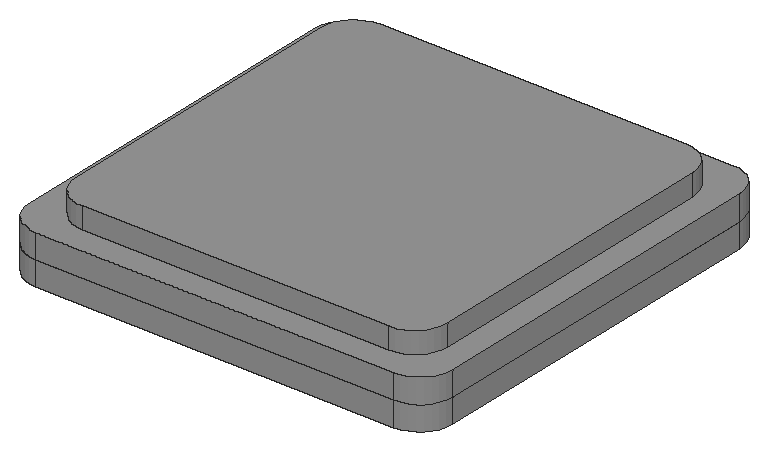
Revit family "FMS2_63_UN_Surface-mounted_ETK", category Lighting Fixtures, Revit 2019 (continued)
Definition of nested family "FMS.2 - Lightsource"
  Types (14, lengths in mm): name | Wattage Comments | Wattage | built-in parameter 1150134 | Photometric Web File | built-in parameter 1150142 | built-in parameter 1150105 | Lumens | built-in parameter 1150107 | built-in parameter 1150106 | Apparent Load
      4\t353.1708\t345.1572\t337.4298\t329.4162\t321.6888\t313.9614\t306.234\t298.5066\r\n290.7792\t283.0804\t275.4675\t267.9118\t260.2417\t252.5429\t244.9013\t237.2884\t229.7327\t222.2343\r\n214.7645\t207.3519\t199.9679\t192.6412\t185.3431\t178.0736\t170.8328\t163.9354\t157.2955\t150.7129\r\n144.1589\t137.6336\t131.1368\t124.6687\t118.2578\t111.847\t105.4647\t99.1111\t92.786\t81.3953\r\n65.9119\t50.4284\t34.9164\t19.4358\t3.9438\t0\t0\t0\t0\t0\r\n0\r\n985.1004\t984.2418\t983.3832\t982.8108\t982.2384\t981.666\t980.5212\t979.9488\t979.0902\t978.5178\r\n977.373\t976.2282\t975.0834\t973.6524\t972.5076\t971.3628\t970.218\t968.787\t967.356\t965.6388\r\n963.9216\t961.9182\t960.4872\t958.77\t956.4804\t954.477\t952.1874\t950.184\t947.8944\t945.891\r\n943.8876\t941.598\t939.0222\t936.7326\t934.1568\t931.8672\t929.2914\t926.7156\t923.5674\t920.7054\r\n916.9848\t913.2642\t909.5436\t905.2506\t901.2438\t897.237\t892.944\t888.9372\t884.9304\t880.6374\r\n876.6306\t872.3376\t868.0446\t863.4654\t858.8862\t854.5932\t850.5864\t845.721\t840.8556\t836.2764\r\n831.6972\t826.8318\t821.6802\t816.8148\t811.9494\t807.084\t802.5048\t797.6394\t792.774\t787.6224\r\n782.4708\t777.033\t771.8814\t765.8712\t759.861\t753.8508\t747.8406\t741.8304\t735.534\t729.2376\r\n722.655\t716.3586\t710.3484\t704.052\t697.4694\t690.6006\t684.3042\t678.294\t671.9976\t665.7012\r\n659.1186\t652.536\t645.9534\t639.657\t632.7882\t626.2056\t619.623\t613.0404\t606.4578\t599.3028\r\n592.1478\t584.9928\t577.5516\t570.1104\t562.6692\t555.228\t548.073\t540.918\t533.4768\t526.3218\r\n518.8806\t511.7256\t504.5706\t497.1294\t489.9744\t482.8194\t475.6644\t468.5094\t461.3544\t453.627\r\n445.6134\t437.5998\t429.8724\t421.8588\t413.8452\t406.1178\t398.1042\t390.3768\t382.6494\t374.922\r\n367.1946\t359.4672\t351.7398\t344.0124\t336.285\t328.5576\t320.544\t312.5304\t304.5168\t296.7894\r\n288.7758\t281.0484\t273.321\t265.6795\t258.0665\t250.5109\t242.9838\t235.514\t228.0728\t220.5457\r\n213.0759\t205.6633\t198.2794\t190.9526\t183.6545\t176.4423\t169.2587\t162.1323\t155.0918\t148.1085\r\n141.4973\t135.1723\t128.8759\t122.6081\t116.3975\t110.187\t104.0051\t97.8804\t91.7843\t85.6883\r\n78.8767\t63.0785\t47.2802\t31.482\t15.6637\t0\t0\t0\t0\t0\r\n0\r\n985.1004\t984.2418\t983.3832\t982.8108\t982.5246\t981.666\t980.8074\t979.9488\t979.3764\t978.804\r\n977.6592\t976.5144\t975.0834\t973.9386\t972.7938\t971.9352\t970.5042\t969.0732\t967.356\t965.3526\r\n963.6354\t961.9182\t960.4872\t958.1976\t956.1942\t953.9046\t951.615\t949.3254\t947.322\t945.3186\r\n942.7428\t940.4532\t937.8774\t935.3016\t932.7258\t930.15\t927.288\t924.426\t921.2778\t918.4158\r\n915.5538\t912.1194\t908.685\t905.2506\t902.1024\t898.668\t894.6612\t890.6544\t886.3614\t882.0684\r\n877.4892\t873.1962\t868.9032\t864.6102\t860.031\t855.1656\t850.3002\t845.4348\t840.5694\t835.4178\r\n830.2662\t825.4008\t820.5354\t815.3838\t810.5184\t805.3668\t800.2152\t795.0636\t789.6258\t784.188\r\n779.0364\t773.5986\t768.447\t763.0092\t757.8576\t752.1336\t746.6958\t740.9718\t735.534\t729.81\r\n723.7998\t718.0758\t712.0656\t705.7692\t699.1866\t692.3178\t685.7352\t678.8664\t671.9976\t665.1288\r\n658.5462\t651.6774\t644.8086\t637.9398\t631.071\t624.4884\t617.3334\t610.4646\t603.5958\t596.727\r\n589.8582\t582.9894\t576.1206\t568.9656\t562.0968\t554.9418\t548.073\t540.918\t533.763\t526.0356\r\n518.3082\t510.5808\t503.1396\t495.4122\t487.971\t480.2436\t472.8024\t465.3612\t457.92\t450.4788\r\n443.0376\t435.5964\t427.869\t420.4278\t412.9866\t405.2592\t398.1042\t390.0906\t382.077\t373.7772\r\n365.7636\t358.0362\t350.0226\t342.009\t334.2816\t326.268\t318.5406\t310.527\t302.7996\t295.0722\r\n287.631\t279.9322\t271.9759\t264.1626\t256.4066\t248.6792\t241.0376\t233.4247\t225.869\t218.3992\r\n211.0153\t203.7458\t196.5335\t189.3213\t182.0804\t174.8968\t167.7704\t160.7299\t153.7753\t146.8778\r\n140.0377\t133.2547\t126.529\t120.1468\t114.0507\t108.0405\t102.0875\t96.1918\t90.3247\t84.4862\r\n78.6764\t72.9238\t61.6189\t45.2768\t28.9062\t12.5298\t0\t0\t0\t0\r\n0\r\n985.1004\t984.2418\t983.3832\t983.097\t982.5246\t981.9522\t981.0936\t980.5212\t979.9488\t979.0902\r\n977.9454\t976.8006\t975.3696\t974.2248\t973.3662\t972.5076\t970.7904\t969.3594\t967.356\t965.3526\r\n963.9216\t962.4906\t960.4872\t958.1976\t955.908\t953.6184\t951.615\t949.3254\t947.322\t944.7462\r\n942.4566\t939.5946\t937.0188\t934.443\t931.8672\t929.0052\t926.1432\t922.995\t920.133\t916.6986\r\n913.2642\t909.8298\t906.3954\t902.961\t899.5266\t896.0922\t892.3716\t888.9372\t884.9304\t881.2098\r\n877.4892\t874.0548\t869.7618\t865.4688\t861.1758\t856.5966\t851.7312\t846.5796\t841.428\t836.2764\r\n831.411\t826.2594\t821.1078\t815.9562\t810.8046\t805.3668\t799.929\t794.4912\t789.0534\t783.6156\r\n778.1778\t772.74\t767.016\t761.292\t755.568\t749.844\t743.8338\t737.8236\t731.8134\t726.3756\r\n720.6516\t714.6414\t708.345\t702.0486\t696.0384\t689.742\t683.7318\t677.7216\t671.4252\t665.1288\r\n658.8324\t652.536\t646.2396\t639.9432\t633.3606\t626.4918\t619.3368\t612.1818\t605.0268\t597.5856\r\n590.1444\t582.9894\t575.5482\t568.107\t560.952\t553.5108\t546.3558\t538.9146\t531.4734\t523.746\r\n516.3048\t509.1498\t501.7086\t494.5536\t487.1124\t479.9574\t472.5162\t465.075\t457.6338\t450.1926\r\n442.179\t434.1654\t426.1518\t418.1382\t410.4108\t402.6834\t394.956\t387.2286\t379.215\t371.4876\r\n363.7602\t356.0328\t348.5916\t340.8642\t333.423\t325.6956\t317.9682\t309.6684\t301.6548\t293.6412\r\n285.6848\t277.7857\t269.9152\t262.1306\t254.4318\t246.8475\t239.3204\t231.7934\t224.3522\t216.6534\r\n209.1263\t201.7424\t194.4157\t187.1748\t179.9339\t172.8362\t165.7957\t158.8982\t152.0581\t145.2179\r\n138.4349\t131.7092\t125.0122\t118.3437\t111.7039\t105.0926\t98.5959\t92.5285\t86.4896\t80.5367\r\n74.641\t68.8025\t63.0212\t57.2972\t41.9855\t25.6378\t9.3244\t0\t0\t0\r\n0\r\n985.1004\t984.2418\t983.6694\t983.097\t982.8108\t981.9522\t981.3798\t980.8074\t980.235\t979.3764\r\n978.2316\t977.0868\t975.942\t974.7972\t973.9386\t972.7938\t971.3628\t969.6456\t967.6422\t965.925\r\n964.494\t963.063\t960.7734\t958.4838\t956.1942\t953.9046\t951.9012\t949.8978\t947.322\t945.0324\r\n942.1704\t939.5946\t937.0188\t934.443\t931.581\t928.719\t925.5708\t922.7088\t919.2744\t915.5538\r\n912.1194\t908.685\t905.2506\t901.8162\t898.0956\t894.375\t890.6544\t886.9338\t883.2132\t879.4926\r\n875.4858\t871.1928\t866.8998\t862.3206\t858.0276\t853.4484\t848.8692\t844.29\t839.7108\t835.1316\r\n830.5524\t825.687\t821.1078\t815.9562\t811.0908\t805.9392\t800.7876\t795.9222\t791.0568\t785.619\r\n779.6088\t773.5986\t767.8746\t762.1506\t755.8542\t749.844\t744.4062\t738.6822\t732.3858\t726.3756\r\n719.793\t713.4966\t707.2002\t701.19\t694.8936\t688.311\t682.0146\t675.7182\t669.1356\t662.2668\r\n655.6842\t649.1016\t642.8052\t636.2226\t629.64\t622.7712\t616.1886\t609.3198\t602.451\t595.5822\r\n588.9996\t582.1308\t575.262\t568.3932\t561.2382\t553.797\t546.9282\t540.0594\t533.1906\t526.3218\r\n518.5944\t510.5808\t502.8534\t495.126\t487.3986\t479.6712\t471.9438\t464.2164\t456.2028\t448.4754\r\n440.4618\t432.7344\t425.007\t417.2796\t409.5522\t401.5386\t393.8112\t386.0838\t378.3564\t370.629\r\n362.9016\t355.4604\t347.733\t339.4332\t331.4196\t323.1198\t315.1062\t307.3788\t299.3652\t291.6378\r\n283.7673\t276.1544\t268.6559\t261.0144\t253.4587\t245.9889\t238.4618\t230.5627\t222.8067\t215.1652\r\n207.6381\t200.111\t192.7271\t185.4862\t178.3312\t171.3193\t164.1929\t156.9521\t149.7398\t142.5276\r\n135.3154\t128.0459\t120.805\t113.6214\t106.4378\t99.3686\t92.4426\t85.6597\t78.9912\t72.4658\r\n66.7418\t61.3899\t56.1238\t50.9722\t45.9351\t38.4653\t22.4553\t6.4767\t0\t0\r\n0\r\n985.1004\t984.528\t983.6694\t983.3832\t983.097\t982.2384\t981.666\t981.0936\t980.8074\t979.9488\r\n978.804\t977.6592\t976.2282\t975.3696\t974.7972\t973.3662\t971.9352\t969.9318\t967.9284\t966.4974\r\n965.6388\t963.6354\t961.3458\t959.0562\t956.7666\t954.7632\t952.7598\t950.4702\t948.1806\t945.6048\r\n942.7428\t940.167\t937.5912\t934.7292\t931.8672\t929.0052\t926.1432\t922.7088\t918.9882\t915.5538\r\n912.1194\t908.685\t905.2506\t901.53\t897.8094\t894.0888\t890.3682\t886.3614\t882.6408\t878.9202\r\n874.6272\t870.048\t865.4688\t861.1758\t856.5966\t852.0174\t847.4382\t842.859\t837.9936\t833.4144\r\n828.549\t823.9698\t818.8182\t813.6666\t808.515\t803.0772\t798.2118\t793.3464\t787.9086\t782.1846\r\n776.7468\t771.309\t765.585\t759.861\t754.4232\t749.2716\t743.5476\t737.5374\t731.5272\t725.2308\r\n719.2206\t713.4966\t707.4864\t701.19\t695.1798\t689.1696\t682.8732\t676.0044\t669.708\t663.4116\r\n657.1152\t650.5326\t643.95\t637.0812\t629.9262\t623.3436\t616.4748\t609.3198\t602.1648\t595.0098\r\n588.141\t580.986\t573.831\t566.3898\t558.9486\t551.5074\t544.3524\t536.9112\t529.47\t522.315\r\n515.16\t507.7188\t500.2776\t492.8364\t485.3952\t477.6678\t470.2266\t462.4992\t455.058\t447.6168\r\n440.1756\t432.4482\t425.007\t417.2796\t409.5522\t401.8248\t394.0974\t386.37\t378.9288\t371.4876\r\n363.474\t355.1742\t347.1606\t339.147\t330.8472\t322.8336\t314.82\t306.8064\t298.7928\t290.7792\r\n282.7656\t274.8951\t267.1677\t259.4689\t251.7701\t244.1572\t236.5729\t228.8169\t220.975\t213.3049\r\n205.6919\t198.2507\t190.924\t183.7118\t176.6426\t169.7166\t162.8764\t155.7787\t148.1371\t140.5242\r\n132.7968\t124.8977\t116.9413\t108.9563\t101.1431\t93.5874\t86.2034\t79.0771\t72.151\t65.6829\r\n59.7586\t54.0632\t48.6254\t43.5883\t39.4384\t35.4602\t31.5679\t21.1845\t4.3645\t0\r\n0\r\n985.1004\t984.528\t983.6694\t983.6694\t983.3832\t982.5246\t981.9522\t981.666\t981.3798\t980.235\r\n979.3764\t978.2316\t977.0868\t976.2282\t975.6558\t974.2248\t972.5076\t970.7904\t968.787\t967.6422\r\n966.7836\t964.494\t962.2044\t960.201\t957.9114\t955.908\t953.9046\t951.615\t949.3254\t946.4634\r\n943.6014\t941.3118\t938.736\t936.1602\t933.2982\t930.15\t927.288\t923.5674\t919.8468\t916.4124\r\n913.2642\t909.8298\t906.3954\t902.6748\t898.9542\t895.2336\t891.2268\t887.5062\t883.7856\t879.4926\r\n875.1996\t870.6204\t866.0412\t861.7482\t857.169\t852.876\t848.2968\t843.4314\t838.566\t833.7006\r\n829.1214\t824.256\t819.3906\t813.9528\t808.515\t803.3634\t798.498\t793.0602\t787.6224\t782.1846\r\n776.7468\t770.7366\t765.0126\t759.5748\t754.137\t748.413\t742.689\t736.3926\t730.0962\t724.086\r\n718.362\t712.0656\t705.7692\t699.4728\t693.4626\t687.1662\t680.5836\t674.001\t667.7046\t661.122\r\n654.5394\t647.9568\t641.3742\t634.5054\t627.9228\t621.054\t614.4714\t607.3164\t600.4476\t593.5788\r\n586.71\t579.555\t572.1138\t564.9588\t558.09\t550.935\t543.4938\t536.3388\t529.1838\t522.0288\r\n514.5876\t507.1464\t499.7052\t491.9778\t484.8228\t477.3816\t469.6542\t461.9268\t454.1994\t446.7582\r\n439.317\t431.5896\t423.8622\t415.8486\t408.4074\t400.68\t392.9526\t385.2252\t377.2116\t369.198\r\n360.8982\t352.5984\t345.1572\t337.716\t329.7024\t321.6888\t313.6752\t305.6616\t297.648\t289.6344\r\n281.7067\t273.8075\t266.1374\t258.5245\t250.7971\t243.041\t235.3995\t227.8724\t220.374\t212.8756\r\n205.4916\t198.1935\t190.9526\t183.8549\t176.2992\t168.858\t161.474\t154.3477\t147.3358\t140.4097\r\n133.5695\t126.8725\t120.3185\t113.4497\t105.2357\t96.9359\t88.6648\t80.4222\t72.3514\t64.9674\r\n57.9555\t51.3729\t45.2196\t39.7532\t34.8305\t30.5948\t26.7597\t24.1152\t22.2864\t3.1368\r\n0\r\n985.1004\t984.528\t983.9556\t983.6694\t983.6694\t982.8108\t982.2384\t981.9522\t981.666\t980.8074\r\n979.9488\t978.804\t977.6592\t977.0868\t976.5144\t975.0834\t973.6524\t971.649\t969.6456\t968.787\r\n968.2146\t965.925\t963.6354\t961.3458\t959.3424\t957.339\t955.6218\t953.3322\t951.0426\t948.1806\r\n945.3186\t943.029\t940.7394\t937.8774\t935.3016\t932.4396\t929.2914\t925.5708\t921.8502\t918.702\r\n915.2676\t911.8332\t908.3988\t904.9644\t901.2438\t897.5232\t893.8026\t890.082\t886.3614\t882.0684\r\n877.7754\t873.1962\t868.617\t864.324\t860.031\t855.4518\t851.1588\t846.2934\t841.1418\t836.5626\r\n831.9834\t827.4042\t822.5388\t816.8148\t811.377\t806.5116\t801.6462\t796.2084\t790.7706\t785.0466\r\n779.6088\t773.8848\t768.1608\t762.723\t757.2852\t751.5612\t745.8372\t739.5408\t733.2444\t727.2342\r\n721.224\t715.2138\t708.9174\t702.621\t696.3246\t690.0282\t683.7318\t677.4354\t671.139\t664.2702\r\n657.6876\t651.105\t644.2362\t637.6536\t630.7848\t623.916\t617.3334\t610.1784\t603.0234\t596.1546\r\n589.2858\t582.1308\t574.6896\t567.8208\t561.2382\t553.797\t546.3558\t539.2008\t531.7596\t524.3184\r\n516.591\t509.1498\t501.7086\t494.2674\t487.1124\t479.385\t471.6576\t463.9302\t455.9166\t448.1892\r\n440.4618\t433.0206\t425.5794\t417.5658\t409.5522\t401.5386\t393.525\t385.5114\t377.784\t369.7704\r\n362.043\t354.0294\t346.302\t338.2884\t330.2748\t322.5474\t314.82\t306.8064\t298.7928\t291.0654\r\n282.9946\t275.1813\t267.3967\t259.4689\t251.5412\t243.8138\t236.0864\t228.4735\t220.8605\t213.219\r\n205.5488\t197.9932\t190.4661\t183.0249\t175.5837\t168.3715\t161.1592\t154.2618\t147.3358\t140.5242\r\n133.7413\t127.0728\t120.4043\t114.0507\t107.6971\t101.4007\t95.0756\t89.3516\t83.599\t78.0754\r\n72.5517\t67.3715\t62.1913\t57.24\t52.2887\t47.9957\t43.7314\t40.9552\t38.1505\t37.2919\r\n19.7163\r\n985.1004\t984.528\t983.6694\t983.3832\t983.097\t982.5246\t981.666\t981.3798\t981.0936\t980.235\r\n979.0902\t977.9454\t976.8006\t975.942\t975.3696\t973.9386\t972.2214\t970.218\t968.2146\t967.356\r\n966.4974\t964.2078\t961.9182\t959.6286\t957.6252\t955.6218\t953.6184\t951.3288\t949.0392\t946.1772\r\n943.3152\t940.7394\t938.1636\t935.3016\t932.4396\t929.5776\t926.7156\t922.995\t919.2744\t915.84\r\n912.4056\t908.9712\t905.5368\t901.8162\t898.0956\t894.375\t890.6544\t886.9338\t882.927\t878.9202\r\n874.341\t869.7618\t865.1826\t860.8896\t856.5966\t852.0174\t847.4382\t842.5728\t837.4212\t832.842\r\n828.2628\t823.3974\t818.532\t813.0942\t807.6564\t802.2186\t797.3532\t791.9154\t786.7638\t781.326\r\n775.602\t769.878\t764.154\t758.43\t752.9922\t747.2682\t741.5442\t735.2478\t729.2376\t723.2274\r\n717.2172\t710.9208\t704.6244\t698.328\t692.0316\t685.7352\t679.4388\t673.1424\t666.5598\t659.9772\r\n653.3946\t646.812\t640.2294\t633.3606\t626.4918\t619.623\t613.0404\t606.1716\t599.0166\t591.8616\r\n584.9928\t577.8378\t570.969\t563.814\t556.659\t549.504\t542.349\t535.194\t527.7528\t520.5978\r\n512.8704\t505.4292\t497.988\t490.5468\t483.1056\t475.6644\t467.937\t460.4958\t452.7684\t445.041\r\n437.3136\t429.8724\t422.4312\t414.99\t406.9764\t398.9628\t391.5216\t383.7942\t375.7806\t367.4808\r\n359.7534\t351.7398\t344.0124\t335.9988\t327.699\t319.6854\t311.6718\t303.9444\t295.9308\t288.2034\r\n280.3043\t272.4338\t264.5919\t256.75\t249.0226\t241.3525\t233.6823\t226.0408\t218.5137\t211.1297\r\n203.7744\t196.5049\t189.3213\t182.3094\t174.7823\t167.2267\t159.7568\t152.6591\t145.6472\t138.7784\r\n131.9668\t125.3556\t118.9161\t112.5911\t106.123\t99.7407\t93.7591\t87.9493\t82.397\t76.6157\r\n70.949\t65.597\t60.4454\t55.4942\t50.8864\t46.5361\t42.5007\t39.839\t38.036\t5.4035\r\n0\r\n985.1004\t984.2418\t983.6694\t983.3832\t982.8108\t982.2384\t981.3798\t980.8074\t980.5212\t979.3764\r\n978.5178\t977.373\t975.942\t975.0834\t974.2248\t972.7938\t971.3628\t969.3594\t967.356\t965.925\r\n965.0664\t963.063\t960.4872\t958.4838\t956.1942\t953.9046\t951.9012\t949.6116\t947.322\t944.7462\r\n941.8842\t939.0222\t936.4464\t933.5844\t930.7224\t927.5742\t924.7122\t921.2778\t917.5572\t914.1228\r\n910.6884\t907.254\t903.8196\t900.099\t896.3784\t892.6578\t888.9372\t885.2166\t881.2098\t877.203\r\n872.91\t868.3308\t863.7516\t859.1724\t854.8794\t850.5864\t846.0072\t841.1418\t836.2764\t831.1248\r\n826.5456\t821.9664\t817.101\t812.5218\t806.7978\t801.36\t795.9222\t790.7706\t785.619\t780.4674\r\n775.0296\t769.5918\t763.8678\t758.1438\t752.4198\t746.982\t741.258\t735.2478\t729.2376\t723.2274\r\n717.2172\t711.4932\t705.483\t698.9004\t692.604\t686.3076\t680.2974\t674.001\t667.7046\t661.4082\r\n654.8256\t647.9568\t641.088\t634.5054\t627.9228\t620.7678\t613.6128\t606.4578\t599.589\t592.1478\r\n584.9928\t577.8378\t570.6828\t563.5278\t556.3728\t549.2178\t541.7766\t534.3354\t526.8942\t519.7392\r\n512.298\t504.8568\t497.1294\t489.6882\t482.247\t474.5196\t467.0784\t459.6372\t452.196\t444.4686\r\n437.0274\t429.3\t421.8588\t414.1314\t406.6902\t399.249\t391.8078\t384.0804\t376.353\t368.3394\r\n360.0396\t352.026\t343.7262\t335.7126\t327.4128\t319.3992\t311.3856\t303.372\t295.3584\t287.3448\r\n279.3884\t271.5179\t263.7333\t255.9773\t248.2213\t240.5225\t232.9668\t225.268\t217.4834\t209.8705\r\n202.3148\t194.7877\t187.4038\t180.1057\t172.9507\t165.9388\t159.1272\t152.1439\t144.9603\t137.9484\r\n131.051\t124.3253\t117.7427\t111.3318\t105.064\t98.9393\t92.9578\t87.1193\t81.4239\t75.843\r\n70.348\t64.9674\t59.7872\t54.8645\t50.6574\t46.5647\t42.5579\t28.9921\t5.9959\t0\r\n0\r\n985.1004\t984.2418\t983.3832\t983.097\t982.5246\t981.666\t980.8074\t980.235\t979.9488\t978.804\r\n977.9454\t976.5144\t975.3696\t974.2248\t973.3662\t971.9352\t970.218\t968.5008\t966.4974\t964.7802\r\n963.6354\t962.2044\t959.6286\t957.339\t955.0494\t953.046\t950.7564\t948.4668\t946.1772\t943.8876\r\n941.0256\t938.1636\t935.3016\t932.4396\t929.5776\t926.7156\t923.5674\t920.4192\t916.9848\t913.2642\r\n909.8298\t906.6816\t903.2472\t899.8128\t896.0922\t892.3716\t888.651\t884.6442\t880.9236\t877.203\r\n873.1962\t868.617\t864.324\t859.7448\t855.1656\t850.8726\t846.8658\t842.0004\t837.135\t832.2696\r\n827.118\t822.5388\t817.9596\t813.3804\t808.8012\t803.6496\t798.2118\t792.774\t787.3362\t782.1846\r\n776.7468\t771.0228\t765.2988\t759.5748\t753.2784\t746.982\t741.258\t735.2478\t728.9514\t722.9412\r\n716.6448\t710.3484\t704.052\t698.0418\t691.4592\t684.8766\t678.294\t671.7114\t665.415\t658.8324\r\n652.2498\t645.6672\t639.0846\t632.2158\t625.347\t618.7644\t612.468\t605.5992\t598.7304\t591.8616\r\n584.7066\t577.8378\t570.969\t564.1002\t557.2314\t550.3626\t543.2076\t536.3388\t529.1838\t522.315\r\n514.5876\t506.574\t498.8466\t490.833\t483.1056\t475.3782\t467.6508\t459.6372\t451.6236\t443.8962\r\n436.1688\t428.4414\t420.4278\t412.4142\t404.973\t397.2456\t389.232\t381.2184\t373.491\t365.7636\r\n358.3224\t350.595\t342.8676\t334.5678\t326.268\t317.9682\t309.9546\t301.941\t293.9274\t286.2\r\n278.5012\t270.7738\t263.1037\t255.4907\t248.0209\t240.6083\t233.024\t224.9532\t217.0255\t209.2408\r\n201.5707\t193.9577\t186.4021\t178.9895\t171.72\t164.5936\t157.5
